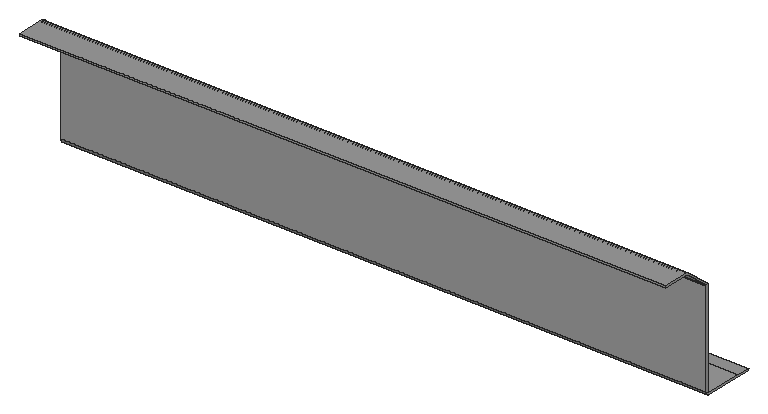
Revit family "B K 50", category Generic Models, Revit 2014
Parameters (values of type "Max lintel length 4800mm")
  URL = "http://www.keystonelintels.co.uk"
  Structural Opening [instance] = 900 mm
  Structural Performance = "The Keystone lintel range has safe working loads as detailed in each applicable loading table in the Keystone Lintel Guide brochure. The structural performance figures within each table have been ascertained by testing in accordance with the requirements of standards BS EN 5977-2: 1983 and BS EN 845-2: 2003."
  RIBA Productor Selector = "available for Keystone Lintels Ltd from Keystone Lintels Ltd from ribaproductselector.com"
  Model = "B/K 50"
  Min Length = 600 mm
  Min Clear Span = 300 mm
  Max Length = 4800 mm
  Max Clear Span = 4800 mm
  Material - Stainless Steel = "Grade 304 2b 1.4307 to BS EN 10088-2. Other grades available on request: contact manufacturer."
  Material - Galvanised Steel = "To BS EN 10346: 2009. DX51D plus Z600 or grade Z275 to BS 5977-2: 1983 (BS EN 845-2: 2003)."
  Manufacturer = "Keystone"
  Manufactured Length [instance] = (roundup(Effective Length / 150 mm) * 150 mm)  # 1200 mm
  Lintel height [instance] = 2100 mm
  Keynote = "F30/755"
  Fire Performance = "Keystone lintels have been subjected to a fire test (WARRES No. 101263) in accordance with BS 476-20: 1987, at Exova Warrington Fire and achieved a one hour fire performance."
  End Bearing = 150 mm
  Effective Length [instance] = Clear Opening with MIN MAX set + End Bearing * 2  # 1200 mm
  Corrosion = "Keystone’s standard range of lintels are manufactured from high quality grade pre-galvanized carbon steel with a zinc coating of 600"
  Contact Tel = "+44 (0)28 8676 2184"
  Contact Email = "info@keystonelintels.co.uk"
  Clear Opening with MIN MAX set [instance] = if(Structural Opening < Min Clear Span, Min Clear Span, (if(Structural Opening > Max Clear Span, Max Clear Span, Structural Opening)))  # 900 mm
  CPD Information = "Available for Keystone Lintels Ltd from ribacpd.com"
Reference planes
  plane 1 "Center (Front/Back)": y = 0
  plane 2: z = 0
  plane 3 "Center (Left/Right)": x = 0
  plane 4: x = -600
  plane 5: x = 600
  plane 6: z = 2100
  plane 7: x = -450
  plane 8: x = 450
Forms (mm)
  Extrusion 1, solid, material "Steel"
    sketch origin (0, 718.694, -498.166) x (0, 1, 0) y (0, 0, 1)
      loop
        line (-645.548, 2598.166) -> (-620.617, 2597.316) -> (-620.508, 2600.514) -> (-645.494, 2601.366) -> (-710.494, 2601.366)
        arc (-710.494, 2601.366) -> (-714.029, 2602.83) -> (-715.494, 2606.366) r 5
        line (-715.494, 2606.366) -> (-715.494, 2782.397)
        arc (-715.494, 2782.397) -> (-715.989, 2784.612) -> (-717.381, 2786.405) r 5.2
        line (-717.381, 2786.405) -> (-760.817, 2822.305)
        arc (-760.817, 2822.305) -> (-762.073, 2822.945) -> (-763.464, 2823.166) r 4.5
        line (-763.464, 2823.166) -> (-813.464, 2823.166) -> (-813.464, 2819.966) -> (-763.729, 2819.966)
        arc (-763.729, 2819.966) -> (-763.052, 2819.848) -> (-762.455, 2819.508) r 2
        line (-762.455, 2819.508) -> (-719.42, 2783.939)
        arc (-719.42, 2783.939) -> (-718.884, 2783.249) -> (-718.694, 2782.397) r 2
        line (-718.694, 2782.397) -> (-718.694, 2606.366)
        arc (-718.694, 2606.366) -> (-716.292, 2600.568) -> (-710.494, 2598.166) r 8.2
        line (-710.494, 2598.166) -> (-645.548, 2598.166)
    from -600 to 600
  Extrusion 2, solid, not visible
    sketch origin (0, 974.412, 1260.368) x (0, 1, 0) y (0, 0, 1)
      loop
        line (-645.548, 998.166) -> (-620.617, 997.316) -> (-620.508, 1000.514) -> (-645.494, 1001.366) -> (-710.494, 1001.366)
        arc (-710.494, 1001.366) -> (-714.029, 1002.83) -> (-715.494, 1006.366) r 5
        line (-715.494, 1006.366) -> (-715.494, 1182.397)
        arc (-715.494, 1182.397) -> (-715.989, 1184.612) -> (-717.381, 1186.405) r 5.2
        line (-717.381, 1186.405) -> (-760.817, 1222.305)
        arc (-760.817, 1222.305) -> (-762.073, 1222.945) -> (-763.464, 1223.166) r 4.5
        line (-763.464, 1223.166) -> (-813.464, 1223.166) -> (-813.464, 1219.966) -> (-763.729, 1219.966)
        arc (-763.729, 1219.966) -> (-763.052, 1219.848) -> (-762.455, 1219.508) r 2
        line (-762.455, 1219.508) -> (-719.42, 1183.939)
        arc (-719.42, 1183.939) -> (-718.884, 1183.249) -> (-718.694, 1182.397) r 2
        line (-718.694, 1182.397) -> (-718.694, 1006.366)
        arc (-718.694, 1006.366) -> (-716.292, 1000.568) -> (-710.494, 998.166) r 8.2
        line (-710.494, 998.166) -> (-645.548, 998.166)
    from 0 to 250
Dimensions and locks
  equal spacing: plane 4, plane 3 "Center (Left/Right)", plane 5
  "Manufactured Length": plane 4 to plane 5
  "Lintel height": plane 6 to level
  "Structural Opening": plane 7 to plane 8
  equal spacing: plane 7, plane 3 "Center (Left/Right)", plane 8
  aligned and locked: level to plane 2
  aligned and locked: Extrusion 1 to plane 6
  aligned and locked: plane 5 to Extrusion 1
  aligned and locked: Extrusion 1 to plane 4
Automatic sketch dimensions
  Extrusion 1 sketch curve to Extrusion 1 sketch curve = 24.931 mm
  Extrusion 1 sketch curve to Extrusion 1 sketch curve = 0.109 mm
  Extrusion 1 sketch curve to Extrusion 1 sketch curve = 0.85 mm
  Extrusion 1 sketch curve to Extrusion 1 sketch curve = 0.055 mm
  Extrusion 1 sketch curve to Extrusion 1 sketch curve = 64.945 mm
  Extrusion 1 sketch curve to Extrusion 1 sketch curve = 5 mm
  Extrusion 1 sketch curve to Extrusion 1 sketch curve = 176.031 mm
  Extrusion 1 sketch curve to Extrusion 1 sketch curve = 0 mm  (x8)
  Extrusion 1 sketch curve to Extrusion 1 sketch curve = 2 mm
  Extrusion 1 sketch curve to Extrusion 1 sketch curve = 0.726 mm
  Extrusion 1 sketch curve to Extrusion 1 sketch curve = 2.039 mm
  Extrusion 1 sketch curve to Extrusion 1 sketch curve = 43.436 mm
  Extrusion 1 sketch curve to Extrusion 1 sketch curve = 35.9 mm
  Extrusion 1 sketch curve to Extrusion 1 sketch curve = 1.638 mm
  Extrusion 1 sketch curve to Extrusion 1 sketch curve = 2.798 mm
  Extrusion 1 sketch curve to Extrusion 1 sketch curve = 1.274 mm
  Extrusion 1 sketch curve to Extrusion 1 sketch curve = 1.542 mm
  Extrusion 1 sketch curve to Extrusion 1 sketch curve = 0.265 mm
  Extrusion 1 sketch curve to Extrusion 1 sketch curve = 0.7 mm
  Extrusion 1 sketch curve to Extrusion 1 sketch curve = 49.735 mm
  Extrusion 2 sketch curve to Extrusion 2 sketch curve = 24.931 mm
  Extrusion 2 sketch curve to Extrusion 2 sketch curve = 0.109 mm
  Extrusion 2 sketch curve to Extrusion 2 sketch curve = 0.85 mm
  Extrusion 2 sketch curve to Extrusion 2 sketch curve = 0.055 mm
  Extrusion 2 sketch curve to Extrusion 2 sketch curve = 64.945 mm
  Extrusion 2 sketch curve to Extrusion 2 sketch curve = 5 mm
  Extrusion 2 sketch curve to Extrusion 2 sketch curve = 176.031 mm
  Extrusion 2 sketch curve to Extrusion 2 sketch curve = 0 mm  (x8)
  Extrusion 2 sketch curve to Extrusion 2 sketch curve = 2 mm
  Extrusion 2 sketch curve to Extrusion 2 sketch curve = 0.726 mm
  Extrusion 2 sketch curve to Extrusion 2 sketch curve = 2.039 mm
  Extrusion 2 sketch curve to Extrusion 2 sketch curve = 43.436 mm
  Extrusion 2 sketch curve to Extrusion 2 sketch curve = 35.9 mm
  Extrusion 2 sketch curve to Extrusion 2 sketch curve = 1.638 mm
  Extrusion 2 sketch curve to Extrusion 2 sketch curve = 2.798 mm
  Extrusion 2 sketch curve to Extrusion 2 sketch curve = 1.274 mm
  Extrusion 2 sketch curve to Extrusion 2 sketch curve = 1.542 mm
  Extrusion 2 sketch curve to Extrusion 2 sketch curve = 0.265 mm
  Extrusion 2 sketch curve to Extrusion 2 sketch curve = 0.7 mm
  Extrusion 2 sketch curve to Extrusion 2 sketch curve = 49.735 mm
  Extrusion 1 sketch curve to plane 1 "Center (Front/Back)" = 0 mm
  Extrusion 1 sketch curve to plane 6 = 0 mm
